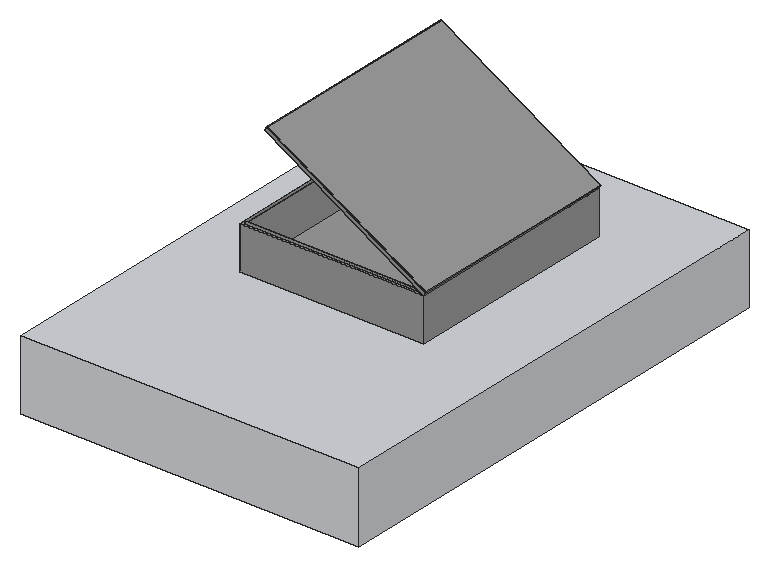
Revit family "Hager-Univers-IP44-D205-H950-Cl.I-Encl-CH-fr", category Equipement électrique, Revit 2020
Family settings
  Hôte = Face
  Configuration du panneau = Deux colonnes, circuits au sein
  Cote de connecteur circulaire = Utiliser le diamètre
  Type d'élément = Tableau de raccordement
  Couper avec des vides une fois chargée = Non
  Partagée = Non
  Point de calcul de pièce = Non
Parameters (values of type "saillie IP44 L800 H950 P205  - FP63TN2")
  Width Control [instance] = if([EF000008 - largeur] > Min Width, [EF000008 - largeur], Min Width)  # 800 mm
  Commentaires du type = [HG000003 - Gamme]  # "Univers"
  Thickness Door [instance] = if([EF009171 - épaisseur de matériau de la porte/du couvercle] > 3 mm, 3 mm, [EF009171 - épaisseur de matériau de la porte/du couvercle])  # 1 mm
  Seal Frame Offset [instance] = 17 mm  # constant formula
  Plinth Visibility [instance] = [HG000027 - Hauteur du socle] > 0 mm  # no
  Model = ""
  Min Width [instance] = 100 mm  # constant formula
  Min Height [instance] = 100 mm  # constant formula
  Min Depth [instance] = (2 * [EF009170 - épaisseur de matériau du boîtier]) + 1 mm  # 3 mm
  Internal Frame Depth [instance] = (Door System Depth * 0.5)  # 9 mm
  Height Control [instance] = if([EF000040 - hauteur] > Min Height, [EF000040 - hauteur], Min Height)  # 950 mm
  HG000027 - Hauteur du socle = 0 mm
  HG000026 - Installation au sol = no
  HG000024 - Hauteur de la section basse = 800 mm
  HG000023 - Armoire double section = no
  HG000016 - Visibilité de la porte 3D [instance] = yes
  HG000015 - Visibilité de l'emprise de la porte [instance] = no
  HG000014 - Porte à droite [instance] = yes
  HG000013 - Porte à gauche [instance] = not([HG000014 - Porte à droite])  # no
  HG000012 - Angle de pivotement de la porte [instance] = 30.00°
  HG000010 - Portes asymétriques = no
  HG000009 - Porte à double battant = no
  HG000006 - Encastré = no
  HG000004 - Référence fabricant = "FP63TN2"
  HG000003 - Gamme = "Univers"
  HG000002 - avec porte = yes
  Frame Offset Bottom [instance] = 10 mm  # constant formula
  Frame Offset [instance] = 15 mm  # constant formula
  EF015940 - couvercle avec décharge de pression = no
  EF011959 - degré de protection (NEMA) = ""
  EF009554 - nombre d'ouvertures pour plaques à bride = 6
  Fabricant = "Hager"  # constant formula
  EF009212 - finition du couvercle = "EV000116 - fermé"
  EF009171 - épaisseur de matériau de la porte/du couvercle = 1 mm
  EF009170 - épaisseur de matériau du boîtier = 1 mm
  EF008873 - courant nominal (In) = 250 A
  EF007800 - adapté à un parafoudre = no
  EF006306 - avec serrure = no
  EF006244 - couvercle/porte transparent(e) = no
  EF005474 - indice de protection (IP) = "EV006418 - IP44"
  EF004464 - type de porte = "EV002646 - unique"
  EF004427 - nombre de modules = 216
  EF004293 - indice de protection contre les chocs (IK) = "EV006815 - IK09"
  EF003532 - convient pour utilisation à l’extérieur = no
  EF002950 - largeur en nombre de modules = 36
  EF001613 - maintien de fonction = "EV000494 - sans"
  EF001596 - matériau du boîtier/corps = "EV000179 - acier"
  EF001131 - profondeur intérieure = 130 mm
  EF001088 - possibilité de montage en saillie = yes
  EF000437 - nombre d'entrées de conduit = 6
  EF000339 - type de capot = "EV001012 - couvercle"
  EF000266 - nombre de rangées = 6
  EF000218 - profondeur d'encastrement = 205 mm
  EF000118 - avec cadre/support de montage = no
  EF000116 - numéro RAL = "9010"
  EF000049 - profondeur = 205 mm
  EF000040 - hauteur = 950 mm
  EF000008 - largeur = 800 mm
  EF000007 - couleur = "EV000202 - blanc"
  EF000003 - mode de pose = "EV000384 - saillie"
  Door System Leaf Tolerance [instance] = 1.5 mm  # constant formula
  Door System Depth [instance] = 18 mm  # constant formula
  Door Height [instance] = Height Control - [HG000027 - Hauteur du socle]  # 950 mm
  Depth Control [instance] = if([EF000049 - profondeur] > Min Depth, [EF000049 - profondeur], Min Depth)  # 205 mm
  Default Elevation = 0 mm
  Connector Offset [instance] = Height Control / 2  # 475 mm
  Bottom Top Plate Trim [instance] = 1.5 mm  # constant formula
  Plinth height Ctrl [instance] = if([HG000027 - Hauteur du socle] > 0 mm, [HG000027 - Hauteur du socle], 12 mm)  # 12 mm
Types (10, lengths in mm): name | Width Control | HG000010 - Portes asymétriques | HG000009 - Porte à double battant | HG000004 - Référence fabricant | EF009554 - nombre d'ouvertures pour plaques à bride | EF004464 - type de porte | EF004427 - nombre de modules | EF002950 - largeur en nombre de modules | EF000437 - nombre d'entrées de conduit | EF000218 - profondeur d'encastrement | EF000008 - largeur
  saillie IP44 L1050 H950 P205  - FP64QT | 1050 | no | no | "FP64QT" | 8 | "EV003602 - double" | 288 | 48 | 8 | 0 | 1050
  saillie IP44 L1050 H950 P205  - FP64TN2 | 1050 | no | yes | "FP64TN2" | 8 | "EV003602 - double" | 288 | 48 | 8 | 205 | 1050
  saillie IP44 L1300 H950 P205  - FP65QT | 1300 | no | no | "FP65QT" | 10 | "EV003602 - double" | 360 | 60 | 10 | 0 | 1300
  saillie IP44 L1300 H950 P205  - FP65TN2 | 1300 | yes | yes | "FP65TN2" | 10 | "EV003602 - double" | 360 | 60 | 10 | 205 | 1300
  saillie IP44 L300 H950 P205  - FP61QT | 300 | no | no | "FP61QT" | 2 | "EV002646 - unique" | 72 | 12 | 2 | 0 | 300
  saillie IP44 L300 H950 P205  - FP61TN2 | 300 | no | no | "FP61TN2" | 2 | "EV002646 - unique" | 72 | 12 | 2 | 205 | 300
  saillie IP44 L550 H950 P205  - FP62QT | 550 | no | no | "FP62QT" | 4 | "EV002646 - unique" | 144 | 24 | 4 | 0 | 550
  saillie IP44 L550 H950 P205  - FP62TN2 | 550 | no | no | "FP62TN2" | 4 | "EV002646 - unique" | 144 | 24 | 4 | 205 | 550
  saillie IP44 L800 H950 P205  - FP63QT | 800 | no | no | "FP63QT" | 6 | "EV002646 - unique" | 216 | 36 | 6 | 0 | 800
  saillie IP44 L800 H950 P205  - FP63TN2 | 800 | no | no | "FP63TN2" | 6 | "EV002646 - unique" | 216 | 36 | 6 | 205 | 800
Reference planes
  plane 1 "Center (Front/Back)": y = 0
  plane 2: z = 0
  plane 3 "Center (Left/Right)": x = 0
  plane 4: z = 205
  plane 5: y = 1
  plane 6: y = 475
  plane 7: y = 0
  plane 8: y = 950
  plane 9: z = 0
  plane 10: x = -385
  plane 11: x = 385
  plane 12: x = 384
  plane 13: x = -384
  plane 14: y = 949
  plane 15: x = -383
  plane 16: x = -400
  plane 17: x = 383
  plane 18: x = 400
  plane 19: x = 399
  plane 20: x = -399
  plane 21: y = 11
  plane 22: y = 950
  plane 23: y = 934
  plane 24: z = 187
  plane 25: z = 1
  plane 26: z = 186
  plane 27: z = 204
Forms (mm)
  Extrusion 1, solid
    sketch origin (0, 0, 0) x (1, 0, 0) y (0, 1, 0)
      loop
        line (-702.964, 1305) -> (-702.964, -811.445) -> (766.763, -811.445) -> (766.763, 1305) -> (-702.964, 1305)
    from 0 to -304.8
  Extrusion 2, solid, material "Hager_Steel_RAL7035_Light_Grey", visible <- "Plinth Visibility", detail levels medium+fine
    sketch origin (0, 0, 0) x (1, 0, 0) y (0, 1, 0)
      loop
        line (-400, 0) -> (400, 0) -> (400, 12) -> (-400, 12) -> (-400, 0)
    from 0 to 187
  Extrusion 3, solid, material "Hager_Steel_RAL7035_Light_Grey", detail levels medium+fine
    sketch origin (0, 0, 0) x (1, 0, 0) y (0, 1, 0)
      loop
        line (-400, 0) -> (400, 0) -> (400, 950) -> (-400, 950) -> (-400, 0)
    from 0 to 187
  Extrusion 4, void
    sketch origin (0, 0, 0) x (1, 0, 0) y (0, 1, 0)
      loop
        line (-399, 1) -> (399, 1) -> (399, 949) -> (-399, 949) -> (-399, 1)
    from 1 to 186
  Extrusion 5, void
    sketch origin (-381.607, -4572, 187) x (0, -1, 0) y (-1, 0, 0)
      loop
        line (-4583, 2.393) -> (-5506, 2.393) -> (-5506, -765.607) -> (-4583, -765.607) -> (-4583, 2.393)
    from 0 to 1 <- "EF009170 - épaisseur de matériau du boîtier"
  Extrusion 6, solid, material "Hager_Steel_RAL7035_Light_Grey", detail levels fine
    sketch origin (0, 0, 187) x (1, 0, 0) y (0, 1, 0)
      loop
        line (-384, 934) -> (-384, 11) -> (384, 11) -> (384, 934) -> (-384, 934)
      loop
        line (-385, 10) -> (385, 10) -> (385, 935) -> (-385, 935) -> (-385, 10)
    from 0 to 9 <- "Internal Frame Depth"
  Extrusion 7, solid, material "Hager_Steel_RAL7035_Light_Grey", detail levels coarse
    sketch origin (0, 0, 0) x (1, 0, 0) y (0, 1, 0)
      loop
        line (-400, 0) -> (400, 0) -> (400, 950) -> (-400, 950) -> (-400, 0)
    from 0 to 205
  Sweep 8, void
    path in 3D
      loop
        line (-400, 12, 0) -> (400, 12, 0) -> (400, 12, 187) -> (-400, 12, 187) -> (-400, 12, 0)
    profile origin (-400, 12, 93.5) x (-1, 0, 0) y (0, -1, 0)
      loop
        line (0, 0) -> (0, 1.5) -> (-1.5, 1.5)
        arc (-1.5, 1.5) -> (-1.061, 0.439) -> (0, 0) r 1.5
Cuts and joins
  Extrusion 4, Extrusion 5 cuts Extrusion 3
  Sweep 8 cuts Extrusion 2
Lines and regions (mm)
  Masking region 1
    outline origin (0, 0, 0) x (1, 0, 0) y (0, 0, 1)
      loop
        line (-400, 205) -> (-400, 0) -> (400, 0) -> (400, 205) -> (-400, 205)
  Masking region 2, detail levels medium+fine
    outline origin (0, 140, 0) x (0, 1, 0) y (0, 0, 1)
      loop
        line (-140, 0) -> (810, 0) -> (810, 187) -> (-140, 187) -> (-140, 0)
  Masking region 3, not visible, detail levels medium+fine
    outline origin (0, 297.922, 0) x (0, 1, 0) y (0, 0, 1)
      loop
        line (188.578, 0) -> (228.578, 0) -> (228.578, 194)
        arc (228.578, 194) -> (225.649, 201.071) -> (218.578, 204) r 10
        line (218.578, 204) -> (188.578, 204) -> (188.578, 0)
  Masking region 4, detail levels coarse
    outline origin (0, 0, 180) x (0, 1, 0) y (0, 0, 1)
      loop
        line (0, -180) -> (950, -180) -> (950, 25) -> (0, 25) -> (0, -180)
  Masking region 5, visible <- "Plinth Visibility", detail levels medium+fine
    outline origin (0, 52.24, 12.345) x (0, 0, -1) y (0, 1, 0)
      loop
        line (10.845, -40.24) -> (-173.155, -40.24)
        arc (-173.155, -40.24) -> (-173.594, -41.301) -> (-174.655, -41.74) r 1.5
        line (-174.655, -41.74) -> (-174.655, -52.24) -> (12.345, -52.24) -> (12.345, -41.74)
        arc (12.345, -41.74) -> (11.285, -41.301) -> (10.845, -40.24) r 1.5
  Masking region 6, detail levels medium+fine
    outline origin (-381.607, -4572, 187) x (-1, 0, 0) y (0, -1, 0)
      loop
        line (18.393, -5522) -> (18.393, -4572) -> (-781.607, -4572) -> (-781.607, -5522) -> (18.393, -5522)
  Masking region 7, visible <- "Plinth Visibility", detail levels medium+fine
    outline origin (-381.607, -4727, 187) x (-1, 0, 0) y (0, -1, 0)
      loop
        arc (16.893, -4739) -> (17.332, -4737.939) -> (18.393, -4737.5) r 1.5
        line (18.393, -4737.5) -> (18.393, -4727) -> (-781.607, -4727) -> (-781.607, -4737.5)
        arc (-781.607, -4737.5) -> (-780.546, -4737.939) -> (-780.107, -4739) r 1.5
        line (-780.107, -4739) -> (16.893, -4739)
  Masking region 8, detail levels coarse
    outline origin (-442.548, -4669.526, 187) x (-1, 0, 0) y (0, -1, 0)
      loop
        line (-42.548, -5619.526) -> (-42.548, -4669.526) -> (-842.548, -4669.526) -> (-842.548, -5619.526) -> (-42.548, -5619.526)
  sketch lines
    curve 1: line (-400, 12, 187) -> (-400, 12, 0)
    curve 2: line (400, 12, 187) -> (-400, 12, 187)
    curve 3: line (400, 12, 187) -> (400, 12, 0)
    curve 4: line (-400, 12, 0) -> (400, 12, 0)
Dimensions and locks
  "Depth Control": plane 4 to Extrusion 1
  "HG000027 - Hauteur du socle": plane 1 "Center (Front/Back)" to plane 7
  "EF009170 - épaisseur de matériau du boîtier": plane 5 to plane 7
  locked: connector elem to plane 3 "Center (Left/Right)"
  equal spacing: plane 8, plane 6, plane 7
  locked: connector elem to plane 6
  "EF009170 - épaisseur de matériau du boîtier": plane 8 to plane 14
  "EF009170 - épaisseur de matériau du boîtier": plane 10 to plane 13
  "EF009170 - épaisseur de matériau du boîtier": plane 12 to plane 11
  "Frame Offset": plane 20 to plane 13
  "Frame Offset": plane 12 to plane 19
  "EF009170 - épaisseur de matériau du boîtier": plane 16 to plane 20
  "EF009170 - épaisseur de matériau du boîtier": plane 19 to plane 18
  "Seal Frame Offset": plane 16 to plane 15
  "Seal Frame Offset": plane 17 to plane 18
  "Frame Offset Bottom": plane 21 to plane 5
  "Frame Offset": plane 14 to plane 23
  equal spacing: plane 16, plane 3 "Center (Left/Right)", plane 18
  "Width Control": plane 16 to plane 18
  "EF009170 - épaisseur de matériau du boîtier": plane 4 to plane 27
  "EF009170 - épaisseur de matériau du boîtier": plane 24 to plane 26
  "EF009170 - épaisseur de matériau du boîtier": plane 25 to level
  "Door System Depth": plane 4 to plane 24
  "Height Control": plane 1 "Center (Front/Back)" to Extrusion 7 sketch curve
  "Height Control": Masking region 4 sketch curve to plane 1 "Center (Front/Back)"
  "Height Control": plane 1 "Center (Front/Back)" to plane 22
  "Bottom Top Plate Trim": profile plane to Sweep 8 sketch curve
  "Bottom Top Plate Trim": Sweep 8 sketch curve to profile plane
  "Plinth height Ctrl": plane 1 "Center (Front/Back)" to Extrusion 2 sketch curve
  "Plinth height Ctrl": Masking region 5 sketch curve to plane 1 "Center (Front/Back)"
  "Plinth height Ctrl": plane 1 "Center (Front/Back)" to Masking region 7 sketch curve
  "Thickness Door": Extrusion 6 sketch curve to Extrusion 6 sketch curve  (x3)
  "Thickness Door": cut or joined group of Extrusion 3, Extrusion 4, Extrusion 5 to Extrusion 6 sketch curve
  radius of Masking region 3 sketch curve = 10 mm
  "Bottom Top Plate Trim": radius of Masking region 5 sketch curve  (x2)
  "Bottom Top Plate Trim": radius of Sweep 8 sketch curve
  "Bottom Top Plate Trim": radius of Masking region 7 sketch curve  (x2)
  aligned and locked: plane 2 to Extrusion 1
  aligned and locked: level to Extrusion 1
  aligned and locked: level to Masking region 1 sketch curve
  aligned and locked: Masking region 1 sketch curve to plane 18
  aligned and locked: Masking region 1 sketch curve to plane 16
  aligned and locked: plane 7 to Masking region 2 sketch curve
  aligned and locked: level to Masking region 3 sketch curve
  aligned and locked: Masking region 3 sketch curve to plane 27
  aligned and locked: level to Masking region 2 sketch curve
  aligned and locked: plane 1 "Center (Front/Back)" to Extrusion 2 sketch curve
  aligned and locked: Extrusion 3 sketch curve to plane 7
  aligned and locked: plane 16 to Extrusion 3 sketch curve
  aligned and locked: plane 18 to Extrusion 3 sketch curve
  aligned and locked: plane 20 to Extrusion 4 sketch curve
  aligned and locked: plane 19 to Extrusion 4 sketch curve
  aligned and locked: Extrusion 4 sketch curve to plane 5
  aligned and locked: Extrusion 4 to plane 25
  aligned and locked: plane 26 to Extrusion 4
  aligned and locked: plane 24 to Extrusion 3
  aligned and locked: Extrusion 5 sketch curve to plane 21
  aligned and locked: Extrusion 5 sketch curve to plane 13
  aligned and locked: Extrusion 5 sketch curve to plane 12
  aligned and locked: plane 18 to Extrusion 7 sketch curve
  aligned and locked: plane 1 "Center (Front/Back)" to Extrusion 7 sketch curve
  aligned and locked: plane 16 to Extrusion 7 sketch curve
  aligned and locked: plane 4 to Extrusion 7
  aligned and locked: Extrusion 7 to level
  aligned and locked: level to Masking region 4 sketch curve
  aligned and locked: Masking region 4 sketch curve to plane 1 "Center (Front/Back)"
  aligned and locked: Masking region 4 sketch curve to plane 4
  aligned and locked: nested 1 to level
  aligned and locked: nested 1 to plane 16
  aligned and locked: plane 8 to Extrusion 3 sketch curve
  aligned and locked: plane 23 to Extrusion 5 sketch curve
  aligned and locked: plane 14 to Extrusion 4 sketch curve
  aligned and locked: Masking region 2 sketch curve to plane 8
  aligned and locked: level to Masking region 5 sketch curve
  aligned and locked: plane 16 to Extrusion 2 sketch curve
  aligned and locked: plane 18 to Extrusion 2 sketch curve
  aligned and locked: Masking region 5 sketch curve to plane 24
  aligned and locked: Masking region 2 sketch curve to plane 24
  aligned and locked: plane 24 to Extrusion 2
  aligned and locked: profile plane to Sweep 8 sketch curve  (x2)
  aligned and locked: Masking region 6 sketch curve to plane 18
  aligned and locked: Masking region 6 sketch curve to plane 22
  aligned and locked: Masking region 6 sketch curve to plane 16
  aligned and locked: plane 8 to plane 22
  aligned and locked: Masking region 6 sketch curve to plane 7
  aligned and locked: Masking region 7 sketch curve to plane 16
  aligned and locked: Masking region 7 sketch curve to plane 1 "Center (Front/Back)"
  aligned and locked: Masking region 7 sketch curve to plane 18
  aligned and locked: Masking region 8 sketch curve to plane 1 "Center (Front/Back)"
  aligned and locked: Masking region 8 sketch curve to plane 18
  aligned and locked: Masking region 8 sketch curve to plane 22
  aligned and locked: Masking region 8 sketch curve to plane 16
  aligned and locked: nested 2 to plane 7
  aligned and locked: plane 3 "Center (Left/Right)" to nested 2
  aligned and locked: nested 2 to plane 24
  aligned and locked: Extrusion 6 sketch curve to cut or joined group of Extrusion 3, Extrusion 4, Extrusion 5  (x4)
Automatic sketch dimensions
  Extrusion 1 sketch curve to Extrusion 1 sketch curve = 1469.727 mm
  Extrusion 1 sketch curve to Extrusion 1 sketch curve = 2116.445 mm
  Masking region 1 sketch curve to plane 4 = 0 mm
  plane 6 to Masking region 3 sketch curve = 11.5 mm
  Masking region 3 sketch curve to Masking region 3 sketch curve = 30 mm
  Masking region 5 sketch curve to plane 1 "Center (Front/Back)" = 0 mm
Nested families
  nested 1: "Hager_Enclosure_Symbol" at (-400, 0, 0) x (1, 0, 0) z (0, -1, 0), Height <- "Depth Control", Width <- "Width Control", type "Hager_Enclosure_Symbol"
    with Width_Ctrl 800 mm, Width 800 mm, Height_Ctrl 205 mm, Height 205 mm, A_Width_Int 13.453 mm, A_Width 161.438 mm, A_Height_Ctrl 179.375 mm, A_Height 179.375 mm
  nested 2: "EC000058_Univers_Door" at (0, 0, 187) x (1, 0, 0) z (0, 1, 0), Leaf_Tolerance <- "Door System Leaf Tolerance", Angle <- "HG000012 - Angle de pivotement de la porte", Door_Depth <- "Door System Depth", Door_Left <- "HG000013 - Porte à gauche", Transparent <- "EF006244 - couvercle/porte transparent(e)", Assymetrical <- "HG000010 - Portes asymétriques", Width <- "Width Control", Clearance <- "HG000015 - Visibilité de l'emprise de la porte", Double <- "HG000009 - Porte à double battant", 3d_Door <- "HG000016 - Visibilité de la porte 3D", Lock_Visibility <- "EF006306 - avec serrure", Width_Ctrl <- "Width Control", Door_Right <- "HG000014 - Porte à droite", Door <- "HG000002 - avec porte", Height <- "Door Height", Thickness <- "Thickness Door", type "EC000058_Univers_Door", detail levels medium+fine
    with min_wh 3 mm, Width_Ctrl 800 mm, Width 800 mm, Transparent no, Thickness 1 mm, Seal_Material Hager_Rubber, Lock_Visibility no, Lock_Material Hager_Plastic_RAL9005_Jet_Black, Leaf_Width 800 mm, Leaf_Tolerance_External_Sides 0 mm, Leaf_Tolerance 1.5 mm, Leaf_Offset 0 mm, Leaf_Height 947 mm, Leaf_2_Width 800 mm, Leaf_2_Offset 400 mm, Leaf_1_Width 800 mm, Leaf_1_Offset 400 mm, Height_Ctrl 950 mm, Height 950 mm, Glass_Material Hager_Glass, Double_Clearance_Ctrl no, Double no, Door_Right_Ctrl yes, Door_Right yes, Door_Material Hager_Steel_RAL7035_Light_Grey, Door_Left_Ctrl no, Door_Left no, Door_Depth 18 mm, Door yes, Clearance_Material Hager_Clearance, Clearance_Depth 800 mm, Clearance_Ctrl no, Clearance no, Assymetrical no, Angle 30.00°, 3d_Door yes
Connectors
  electrical at (0, 475, 0)
    settings: on plane 9, index 1, voltage 0 V, apparent load 0 VA, apparent load phase1 0 VA, apparent load phase2 0 VA, apparent load phase3 0 VA, power factor 1, load classification "Other", number of poles 1, system type 30, power factor state 1, is connector primary yes, connector utility no, sub classification motor no, connector description ""
Definition of nested family "EC000058_Univers_Door"
  Parameters (values of type "EC000058_Univers_Door")
    min_wh [instance] = (2 * Thickness) + 1 mm  # 11 mm
    Width_Ctrl [instance] = 400 mm
    Width [instance] = 500 mm
    Transparent [instance] = yes
    Thickness [instance] = 5 mm
    Seal_Material [instance] = none
    Lock_Visibility [instance] = yes
    Lock_Material [instance] = none
    Leaf_Width [instance] = if((Width_Ctrl - 2 * Leaf_Tolerance_External_Sides) > 0 mm, (Width_Ctrl - 2 * Leaf_Tolerance_External_Sides), min_wh)  # 400 mm
    Leaf_Tolerance_External_Sides [instance] = 0 mm  # constant formula
    Leaf_Tolerance [instance] = 1.5 mm
    Leaf_Offset [instance] = 0 mm  # constant formula
    Leaf_Height [instance] = if((Height_Ctrl - 2 * Leaf_Tolerance) > 0 mm, (Height_Ctrl - 2 * Leaf_Tolerance), min_wh)  # 497 mm
    Leaf_2_Width [instance] = if(and(and(Double, Assymetrical), Door_Left), (Leaf_Width / 3) - (Leaf_Tolerance / 2), if(and(and(Double, Assymetrical), Door_Right), (Leaf_Width / 3) * 2 - (Leaf_Tolerance / 2), if(and(Double, not(Assymetrical)), (Leaf_Width / 2) - Leaf_Tolerance, Leaf_Width)))  # 400 mm
    Leaf_2_Offset [instance] = if(and(Double, Assymetrical), Leaf_2_Width / 2, if(and(Double, not(Assymetrical)), Leaf_Width / 4, Leaf_Width / 2))  # 200 mm
    Leaf_1_Width [instance] = if(and(and(Double, Assymetrical), Door_Right), (Leaf_Width / 3) - (Leaf_Tolerance / 2), if(and(and(Double, Assymetrical), Door_Left), (Width / 3) * 2 - (Leaf_Tolerance / 2), if(and(Double, not(Assymetrical)), (Leaf_Width / 2) - Leaf_Tolerance, Leaf_Width)))  # 400 mm
    Leaf_1_Offset [instance] = if(and(Double, Assymetrical), Leaf_1_Width / 2, if(and(Double, not(Assymetrical)), Leaf_Width / 4, Leaf_Width / 2))  # 200 mm
    Height_Ctrl [instance] = if(Height > min_wh, Height, min_wh)  # 500 mm
    Height [instance] = 500 mm
    Glass_Material [instance] = none
    Double_Clearance_Ctrl [instance] = and(Double, Clearance)  # no
    Double [instance] = no
    Door_Right_Ctrl [instance] = and(or(Door_Right, Double), Door)  # yes
    Door_Right [instance] = yes
    Door_Material [instance] = none
    Door_Left_Ctrl [instance] = and(or(Door_Left, Double), Door)  # no
    Door_Left [instance] = no
    Door_Depth [instance] = 30 mm
    Door [instance] = yes
    Default Elevation = 1219.2 mm
    Clearance_Material [instance] = none
    Clearance_Depth [instance] = if(Leaf_1_Width > Leaf_2_Width, Leaf_1_Width, Leaf_2_Width)  # 400 mm
    Clearance_Ctrl [instance] = and(not(Double), Clearance)  # yes
    Clearance [instance] = yes
    Assymetrical [instance] = yes
    Angle [instance] = 30.00°
    3d_Door [instance] = yes
  Reference planes
    plane 1 "Center (Front/Back)": y = 0
    plane 2 "Bottom": z = 0
    plane 3 "Center (Left/Right)": x = 0
    plane 4: z = 500
    plane 5: x = -200
    plane 6: x = 200
    plane 7: z = 500
    plane 8: x = -200
    plane 9: z = 0
    plane 10: x = 200
    plane 11: y = 0
    plane 12: z = 1.5
    plane 13: x = -600
    plane 14: y = -400
    plane 15: x = 600
    plane 16: x = 0
    plane 17: x = 0
    plane 18: x = -200
    plane 19: x = 200
    plane 20: z = 498.5
  Forms (mm)
    Extrusion 1, solid, material <- "Clearance_Material", visible <- "Double_Clearance_Ctrl"
      sketch origin (1200, 0, 0) x (1, 0, 0) y (0, 0, -1)
        loop
          line (-1800, -498.5) -> (-600, -498.5) -> (-600, 0) -> (-1800, 0) -> (-1800, -498.5)
      from 0 to -400
  Dimensions and locks
    equal spacing: plane 5, plane 3 "Center (Left/Right)", plane 6
    "Width_Ctrl": plane 5 to plane 6
    "Leaf_Offset": plane 5 to plane 8
    "Leaf_Offset": plane 6 to plane 10
    "Leaf_Offset": plane 9 to level
    "Leaf_Offset": plane 4 to plane 7
    "Height_Ctrl": plane 4 to level
    "Leaf_Tolerance": plane 12 to plane 9
    locked: plane 11 to plane 1 "Center (Front/Back)"
    "Leaf_1_Offset": plane 18 to plane 16
    "Leaf_2_Offset": plane 17 to plane 19
    "Leaf_1_Width": plane 13 to plane 8
    "Leaf_2_Width": plane 10 to plane 15
    "Clearance_Depth": plane 14 to plane 1 "Center (Front/Back)"
    "Leaf_Tolerance_External_Sides": plane 8 to plane 18
    "Leaf_Tolerance_External_Sides": plane 19 to plane 10
    "Leaf_Tolerance": plane 7 to plane 20
    aligned and locked: level to plane 2 "Bottom"
    aligned and locked: nested 1 to plane 16
    aligned and locked: nested 2 to plane 17
    aligned and locked: Extrusion 1 to plane 13
    aligned and locked: plane 15 to Extrusion 1
    aligned and locked: Extrusion 1 to plane 14
    aligned and locked: plane 12 to nested 1
    aligned and locked: nested 2 to plane 12
    aligned and locked: Extrusion 1 to plane 11
    aligned and locked: plane 20 to Extrusion 1
    aligned and locked: nested 2 to plane 11
    aligned and locked: nested 1 to plane 11
  Automatic sketch dimensions
    Extrusion 1 sketch curve to level = 0 mm
    plane 5 to Extrusion 1 sketch curve = 400 mm
    plane 6 to Extrusion 1 sketch curve = 400 mm
    Extrusion 1 sketch curve to plane 4 = 1.5 mm
  Nested families
    nested 1: "EC000058_Univers_Door_Leaf" at (0, 0, 1.5), Width <- "Leaf_1_Width", visible <- "Door_Left_Ctrl", Leaf_Height <- "Leaf_Height", Angle <- "Angle", 3d_Door <- "3d_Door", Transparent <- "Transparent", Clearance Material <- "Clearance_Material", Clearance <- "Clearance_Ctrl", Door_Material <- "Door_Material", Glass_Material <- "Glass_Material", Door_Depth <- "Door_Depth", Lock_Material <- "Lock_Material", Seal_Material <- "Seal_Material", Lock_Visibility <- "Lock_Visibility", Thickness <- "Thickness", type "EC000058_Univers_Door_Leaf"
      with Width 400 mm, Transparent_Glass_Offset 30 mm, Transparent_Ctrl yes, Transparent yes, Thickness 5 mm, Standard no, Seal_Material none, Seal_D2 8 mm, Seal_D1 1 mm, Offset_Internal_Frame 10 mm, Lock_Width 20 mm, Lock_Visibility_3d yes, Lock_Visibility yes, Lock_Thickness_3 3 mm, Lock_Thickness_2 1 mm, Lock_Thickness_1 3 mm, Lock_Radius_Offset_2 16 mm, Lock_Radius_Offset_1 15 mm, Lock_Radius_2 5 mm, Lock_Radius 6 mm, Lock_Offset 5 mm, Lock_Material none, Lock_Height 80 mm, Lock_Cover_Top_Offset_2d 17 mm, Lock_Cover_Height -65 mm, Leaf_Height 497 mm, Internal_Seal_Thickness 8 mm, Internal_Seal_Depth_2 4.5 mm, Internal_Frame_Depth 25 mm, Glass_Thickness -1 mm, Glass_Offset -2 mm, Glass_Material none, Door_Material none, Door_Depth 30 mm, Clearance Material none, Clearance yes, Angle_Ctrl 30.00°, Angle 30.00°, 3d_Door yes
    nested 2: "EC000058_Univers_Door_Leaf" at (0, 0, 1.5) x (-1, 0, 0) z (0, 0, 1), Width <- "Leaf_2_Width", visible <- "Door_Right_Ctrl", Leaf_Height <- "Leaf_Height", Angle <- "Angle", 3d_Door <- "3d_Door", Transparent <- "Transparent", Clearance Material <- "Clearance_Material", Clearance <- "Clearance_Ctrl", Door_Material <- "Door_Material", Glass_Material <- "Glass_Material", Door_Depth <- "Door_Depth", Lock_Material <- "Lock_Material", Seal_Material <- "Seal_Material", Lock_Visibility <- "Lock_Visibility", Thickness <- "Thickness", type "EC000058_Univers_Door_Leaf"
      with Width 400 mm, Transparent_Glass_Offset 30 mm, Transparent_Ctrl yes, Transparent yes, Thickness 5 mm, Standard no, Seal_Material none, Seal_D2 8 mm, Seal_D1 1 mm, Offset_Internal_Frame 10 mm, Lock_Width 20 mm, Lock_Visibility_3d yes, Lock_Visibility yes, Lock_Thickness_3 3 mm, Lock_Thickness_2 1 mm, Lock_Thickness_1 3 mm, Lock_Radius_Offset_2 16 mm, Lock_Radius_Offset_1 15 mm, Lock_Radius_2 5 mm, Lock_Radius 6 mm, Lock_Offset 5 mm, Lock_Material none, Lock_Height 80 mm, Lock_Cover_Top_Offset_2d 17 mm, Lock_Cover_Height -65 mm, Leaf_Height 497 mm, Internal_Seal_Thickness 8 mm, Internal_Seal_Depth_2 4.5 mm, Internal_Frame_Depth 25 mm, Glass_Thickness -1 mm, Glass_Offset -2 mm, Glass_Material none, Door_Material none, Door_Depth 30 mm, Clearance Material none, Clearance yes, Angle_Ctrl 30.00°, Angle 30.00°, 3d_Door yes
  Definition of nested family "EC000058_Univers_Door_Leaf"
    Parameters (values of type "EC000058_Univers_Door_Leaf")
      Width [instance] = 2000 mm
      Transparent_Glass_Offset [instance] = 30 mm
      Transparent_Ctrl [instance] = and(Transparent, [3d_Door])  # yes
      Transparent [instance] = yes
      Thickness [instance] = 5 mm
      Standard [instance] = and(not(Transparent), [3d_Door])  # no
      Seal_Material [instance] = none
      Seal_D2 [instance] = 8 mm  # constant formula
      Seal_D1 [instance] = 1 mm  # constant formula
      Offset_Internal_Frame [instance] = 10 mm  # constant formula
      Lock_Width [instance] = 20 mm  # constant formula
      Lock_Visibility_3d [instance] = and(Lock_Visibility, [3d_Door])  # yes
      Lock_Visibility [instance] = yes
      Lock_Thickness_3 [instance] = 3 mm  # constant formula
      Lock_Thickness_2 [instance] = 1 mm  # constant formula
      Lock_Thickness_1 [instance] = 3 mm  # constant formula
      Lock_Radius_Offset_2 [instance] = Lock_Radius_Offset_1 + 1 mm  # 16 mm
      Lock_Radius_Offset_1 [instance] = 15 mm  # constant formula
      Lock_Radius_2 [instance] = Lock_Radius - 1 mm  # 5 mm
      Lock_Radius [instance] = 6 mm  # constant formula
      Lock_Offset [instance] = 5 mm  # constant formula
      Lock_Material [instance] = none
      Lock_Height [instance] = 80 mm  # constant formula
      Lock_Cover_Top_Offset_2d [instance] = Lock_Radius_Offset_2 + 1 mm  # 17 mm
      Lock_Cover_Height [instance] = -(Lock_Height - Lock_Radius_Offset_1)  # -65 mm
      Leaf_Height [instance] = 2720.336 mm
      Internal_Seal_Thickness [instance] = 8 mm  # constant formula
      Internal_Seal_Depth_2 [instance] = 4.5 mm  # constant formula
      Internal_Frame_Depth [instance] = if(Door_Depth - Thickness > 5 mm, Door_Depth - Thickness, 5 mm)  # 25 mm
      Glass_Thickness [instance] = if(Thickness > 15 mm, Glass_Offset + 10 mm, -1 mm)  # -1 mm
      Glass_Offset [instance] = if(Thickness > 15 mm, -(Thickness + 10 mm) / 2, -2 mm)  # -2 mm
      Glass_Material [instance] = none
      Door_Material [instance] = none
      Door_Depth [instance] = 30 mm
      Default Elevation = 0 mm
      Clearance Material [instance] = none
      Clearance [instance] = yes
      Angle_Ctrl [instance] = if(Angle > 180.00°, 180.00°, Angle)  # 90.00°
      Angle [instance] = 90.00°
      3d_Door [instance] = yes
    Reference planes
      plane 1 "Center (Front/Back)": y = 0
      plane 2: z = 0
      plane 3 "Center (Left/Right)": x = 0
      plane 4: y = 2000
      plane 5: x = -1000
      plane 6: x = 1000
      plane 7: x = -3000
      plane 8: z = 2720.336
      plane 9: z = 30
      plane 10: z = 2690.336
      plane 11: x = 970
      plane 12: x = -970
      plane 13: y = -3
      plane 14: z = 107.833
      plane 15: y = -5
      plane 16: y = -223.314
      plane 17: x = -1000
      plane 18: z = 1360.168
      plane 19: y = 30
    Forms (mm)
      Extrusion 1, solid, material <- "Clearance Material", visible <- "Clearance"
        sketch origin (0, 0, 0) x (1, 0, 0) y (0, 0, 1)
          loop
            line (-3000, 2720.336) -> (-3000, 0) -> (1000, 0) -> (1000, 2720.336) -> (-3000, 2720.336)
        from 0 to -2000
      Extrusion 2, solid, material <- "Door_Material", visible <- "Standard", detail levels medium+fine
        sketch origin (-1000, 0, 0) x (0, 1, 0) y (-1, 0, 0)
          loop
            line (0, 30) -> (0, 25) -> (2000, 25) -> (2000, 30) -> (0, 30)
        from 0 to 2720.336 <- "Leaf_Height"
      Extrusion 3, solid, material <- "Door_Material", visible <- "Transparent_Ctrl", detail levels medium+fine
        sketch origin (-1000, 0, 0) x (0, 1, 0) y (-1, 0, 0)
          loop
            line (0, 25) -> (2000, 25) -> (2000, 30) -> (0, 30) -> (0, 25)
        from 0 to 2720.336 <- "Leaf_Height"
      Extrusion 4, void
        sketch origin (-1025, 2000, 0) x (0, 1, 0) y (0, 0, -1)
          loop
            line (-30, -2690.336) -> (-30, -30) -> (-1970, -30) -> (-1970, -2690.336) -> (-30, -2690.336)
        from 0 to 5 <- "Thickness"
      Sweep 5, solid, material <- "Seal_Material", visible <- "Transparent_Ctrl", detail levels fine
        path in 3D
          loop
            line (-1025, 30, 30) -> (-1025, 30, 2690.336) -> (-1025, 1970, 2690.336) -> (-1025, 1970, 30) -> (-1025, 30, 30)
        profile origin (-1025, 1000, 30) x (1, 0, 0) y (0, 0, 1)
          loop
            line (0, 0) -> (0, -8) -> (1, -8) -> (1, 0) -> (0, 0)
      Extrusion 6, solid, material <- "Glass_Material", visible <- "Transparent_Ctrl", detail levels medium+fine
        sketch origin (-1030, 0, 0) x (0, 1, 0) y (0, 0, -1)
          loop
            line (1970, -2690.336) -> (1970, -30) -> (30, -30) -> (30, -2690.336) -> (1970, -2690.336)
        from -2 <- "Glass_Offset" to -1 <- "Glass_Thickness"
      Extrusion 7, solid, material <- "Door_Material", visible <- "3d_Door", detail levels medium+fine
        sketch origin (-1025, 2000, 0) x (0, -1, 0) y (0, 0, -1)
          loop
            line (0, -2720.336) -> (2000, -2720.336) -> (2000, 0) -> (0, 0) -> (0, -2720.336)
          loop
            line (1995, -5) -> (5, -5) -> (5, -2715.336) -> (1995, -2715.336) -> (1995, -5)
        from 0 to 25 <- "Internal_Frame_Depth"
      Sweep 8, solid, material <- "Seal_Material", visible <- "Transparent_Ctrl", detail levels fine
        path in 3D
          loop
            line (-1025, 0, 0) -> (-1025, 2000, 0) -> (-1025, 2000, 2720.336) -> (-1025, 0, 2720.336) -> (-1025, 0, 0)
        profile origin (-1025, 0, 1360.168) x (1, 0, 0) y (0, 1, 0)
          loop
            line (0, 10) -> (2.975, 10)
            arc (2.975, 10) -> (4.053, 10.447) -> (4.5, 11.525) r 1.525
            line (4.5, 11.525) -> (4.5, 16.527)
            arc (4.5, 16.527) -> (4.069, 17.569) -> (3.027, 18) r 1.473
            line (3.027, 18) -> (0, 18) -> (0, 10)
      Extrusion 9, solid, material <- "Lock_Material", visible <- "Lock_Visibility_3d", detail levels fine
        sketch origin (-1030, 0, 0) x (0, 1, 0) y (0, 0, -1)
          loop
            arc (1993.5, -1400.168) -> (1994.561, -1399.729) -> (1995, -1398.668) r 1.5
            line (1995, -1398.668) -> (1995, -1320.168) -> (1975, -1320.168) -> (1975, -1398.668)
            arc (1975, -1398.668) -> (1975.439, -1399.729) -> (1976.5, -1400.168) r 1.5
            line (1976.5, -1400.168) -> (1993.5, -1400.168)
        from 3 <- "Lock_Thickness_1" to 0
      Blend 10, solid, material <- "Lock_Material", visible <- "Lock_Visibility_3d", detail levels fine
        base sketch origin (-1033, 0, 0) x (0, 1, 0) y (0, 0, -1)
          loop
            line (1975, -1320.168) -> (1975, -1398.668)
            arc (1975, -1398.668) -> (1975.439, -1399.729) -> (1976.5, -1400.168) r 1.5
            line (1976.5, -1400.168) -> (1993.5, -1400.168)
            arc (1993.5, -1400.168) -> (1994.561, -1399.729) -> (1995, -1398.668) r 1.5
            line (1995, -1398.668) -> (1995, -1320.168) -> (1975, -1320.168)
        top sketch origin (-1033, 0, 0) x (0, 1, 0) y (0, 0, -1)
          loop
            line (1976, -1320.168) -> (1976, -1398.668)
            arc (1976, -1398.668) -> (1976.146, -1399.022) -> (1976.5, -1399.168) r 0.5
            line (1976.5, -1399.168) -> (1993.5, -1399.168)
            arc (1993.5, -1399.168) -> (1993.854, -1399.022) -> (1994, -1398.668) r 0.5
            line (1994, -1398.668) -> (1994, -1320.168) -> (1976, -1320.168)
        from 0 to 1 <- "Lock_Thickness_2"
      Blend 11, solid, material <- "Lock_Material", visible <- "Lock_Visibility_3d", detail levels fine
        base sketch origin (-1034, 0, 0) x (0, 1, 0) y (0, 0, -1)
          loop
            line (1978, -1320.168) -> (1978, -1384.168)
            arc (1978, -1384.168) -> (1985, -1391.168) -> (1992, -1384.168) r 7
            line (1992, -1384.168) -> (1992, -1320.168) -> (1978, -1320.168)
        top sketch origin (-1034, 0, 0) x (0, 1, 0) y (0, 0, -1)
          loop
            line (1991, -1320.168) -> (1979, -1320.168) -> (1979, -1383.168)
            arc (1979, -1383.168) -> (1985, -1389.168) -> (1991, -1383.168) r 6
            line (1991, -1383.168) -> (1991, -1320.168)
        from 0 to 3 <- "Lock_Thickness_3"
      Extrusion 12, solid, material <- "Lock_Material", visible <- "Lock_Visibility_3d", detail levels fine
        sketch origin (-1030, 1975, 1320.168) x (1, 0, 0) y (0, -1, 0)
          loop
            line (-7, -19) -> (-7, -1) -> (0, -1) -> (0, 0) -> (-8, 0) -> (-8, -20) -> (0, -20) -> (0, -19) -> (-7, -19)
        from 0 to -65 <- "Lock_Cover_Height"
      Extrusion 13, void
        sketch origin (-1038, 1995, 1320.168) x (-1, 0, 0) y (0, 0, -1)
          loop
            line (-5, -65) -> (0, -65) -> (-5, -60) -> (-5, -65)
        from 0 to 20 <- "Lock_Width"
      Extrusion 14, void
        sketch origin (-1038, 1975, 1320.168) x (0, -1, 0) y (0, 0, -1)
          loop
            circle (-10, -15.995) r 6
          loop
            circle (-10, -15.995) r 5
        from 0 to 2
      Extrusion 15, solid, material <- "Lock_Material", visible <- "Lock_Visibility_3d", detail levels medium
        sketch origin (-1030, 0, 0) x (0, 1, 0) y (0, 0, -1)
          loop
            arc (1993.5, -1400.168) -> (1994.561, -1399.729) -> (1995, -1398.668) r 1.5
            line (1995, -1398.668) -> (1995, -1320.168) -> (1975, -1320.168) -> (1975, -1398.668)
            arc (1975, -1398.668) -> (1975.439, -1399.729) -> (1976.5, -1400.168) r 1.5
            line (1976.5, -1400.168) -> (1993.5, -1400.168)
        from 8 to 0
    Cuts and joins
      Extrusion 4 cuts Extrusion 3
      Extrusion 13, Extrusion 14 cuts Extrusion 9
      Extrusion 14 cuts Blend 11
      Extrusion 13, Extrusion 14 cuts Extrusion 12
      joined: Extrusion 9, Blend 10, Blend 11, Extrusion 12
      Extrusion 14 cuts Extrusion 15
    Lines and regions (mm)
      Masking region 1, visible <- "Lock_Visibility", detail levels fine
        outline origin (0, 0, 0) x (0, 1, 0) y (0, 0, 1)
          loop
            line (30, 1320.168) -> (33, 1320.168) -> (33, 1400.168) -> (30, 1400.168) -> (30, 1320.168)
      Masking region 2, visible <- "Lock_Visibility", detail levels fine
        outline origin (0, 3.143, 0) x (0, 1, 0) y (0, 0, 1)
          loop
            line (29.857, 1354.168) -> (30.857, 1354.168) -> (30.857, 1366.168) -> (29.857, 1366.168) -> (29.857, 1354.168)
      Masking region 3, detail levels medium+fine
        outline origin (0, 0, 0) x (0, 1, 0) y (0, 0, 1)
          loop
            line (0, 0) -> (30, 0) -> (30, 2720.336) -> (0, 2720.336) -> (0, 0)
      Masking region 4, detail levels medium+fine
        outline origin (0, 0, 0) x (1, 0, 0) y (0, 0, 1)
          loop
            line (-1000, 2720.336) -> (-1000, 0) -> (1000, 0) -> (1000, 2720.336) -> (-1000, 2720.336)
      Masking region 5, visible <- "Lock_Visibility", detail levels fine
        outline origin (-47.116, 0, 0) x (1, 0, 0) y (0, 0, 1)
          loop
            arc (1024.616, 1399.168) -> (1023.556, 1398.729) -> (1023.116, 1397.668) r 1.5
            line (1023.116, 1397.668) -> (1023.116, 1320.168) -> (1041.116, 1320.168) -> (1041.116, 1397.668)
            arc (1041.116, 1397.668) -> (1040.677, 1398.729) -> (1039.616, 1399.168) r 1.5
            line (1039.616, 1399.168) -> (1024.616, 1399.168)
      Masking region 6, visible <- "Lock_Visibility", detail levels medium+fine
        outline origin (-25, 0, 0) x (1, 0, 0) y (0, 0, 1)
          loop
            arc (1001.5, 1400.168) -> (1000.439, 1399.729) -> (1000, 1398.668) r 1.5
            line (1000, 1398.668) -> (1000, 1320.168) -> (1020, 1320.168) -> (1020, 1398.668)
            arc (1020, 1398.668) -> (1019.561, 1399.729) -> (1018.5, 1400.168) r 1.5
            line (1018.5, 1400.168) -> (1001.5, 1400.168)
      Masking region 7, visible <- "Lock_Visibility", detail levels fine
        outline origin (-73.735, 0, 0) x (1, 0, 0) y (0, 0, 1)
          loop
            line (1051.735, 1382.168) -> (1065.735, 1382.168) -> (1065.735, 1384.168)
            arc (1065.735, 1384.168) -> (1058.735, 1391.168) -> (1051.735, 1384.168) r 7
            line (1051.735, 1384.168) -> (1051.735, 1382.168)
      Masking region 8, visible <- "Lock_Visibility", detail levels fine
        outline origin (-73.735, 0, 0) x (1, 0, 0) y (0, 0, 1)
          loop
            line (1052.735, 1382.168) -> (1064.735, 1382.168) -> (1064.735, 1383.168)
            arc (1064.735, 1383.168) -> (1058.735, 1389.168) -> (1052.735, 1383.168) r 6
            line (1052.735, 1383.168) -> (1052.735, 1382.168)
      Masking region 9, visible <- "Lock_Visibility", detail levels fine
        outline origin (-25, 0, 0) x (1, 0, 0) y (0, 0, 1)
          loop
            line (1020, 1320.168) -> (1020, 1382.168) -> (1000, 1382.168) -> (1000, 1320.168) -> (1020, 1320.168)
      Masking region 10, detail levels medium+fine
        outline origin (0, 0, 0) x (1, 0, 0) y (0, 0, 1)
          loop
            circle (985, 1335.144) r 6
      Masking region 11, detail levels fine
        outline origin (0, 0, 0) x (1, 0, 0) y (0, 0, 1)
          loop
            circle (985, 1335.144) r 5
      Masking region 12, visible <- "Lock_Visibility", detail levels fine
        outline origin (0, 12.767, 0) x (0, 1, 0) y (0, 0, 1)
          loop
            line (20.233, 1320.168) -> (21.233, 1320.168) -> (21.233, 1399.168) -> (20.233, 1400.168) -> (20.233, 1320.168)
      Masking region 13, visible <- "Lock_Visibility", detail levels fine
        outline origin (0, 13.767, -10) x (0, 1, 0) y (0, 0, 1)
          loop
            line (20.233, 1330.168) -> (23.233, 1330.168) -> (23.233, 1399.168) -> (20.233, 1402.168) -> (20.233, 1330.168)
      Masking region 14, visible <- "Lock_Visibility", detail levels fine
        outline origin (0, 12.767, -10) x (0, 1, 0) y (0, 0, 1)
          loop
            line (20.233, 1330.168) -> (25.233, 1330.168) -> (25.233, 1399.305) -> (20.233, 1394.305) -> (20.233, 1330.168)
      Masking region 15, visible <- "Lock_Visibility", detail levels medium
        outline origin (0, 0, 0) x (0, 1, 0) y (0, 0, 1)
          loop
            line (30, 1320.168) -> (38, 1320.168) -> (38, 1400.168) -> (30, 1400.168) -> (30, 1320.168)
      Masking region 16, visible <- "Lock_Visibility", detail levels fine
        outline origin (-1000, 0, 0) x (0, 1, 0) y (-1, 0, 0)
          loop
            line (1975, 30) -> (1995, 30) -> (1995, 38) -> (1975, 38) -> (1975, 30)
          loop
            line (1979, 37) -> (1976, 37) -> (1976, 34) -> (1978, 34) -> (1979, 37)
          loop
            line (1994, 37) -> (1991, 37) -> (1992, 34) -> (1994, 34) -> (1994, 37)
      Masking region 17, visible <- "Lock_Visibility", detail levels medium
        outline origin (-1000, 0, 0) x (0, 1, 0) y (-1, 0, 0)
          loop
            line (1975, 30) -> (1995, 30) -> (1995, 38) -> (1975, 38) -> (1975, 30)
      symbolic lines
        curve 1: line (1000, 0, 0) -> (-3000, 0, 0)
        curve 2: arc (1000, 0, 0) -> (-1000, 2000, 0) -> (-3000, 0, 0) r 2000
        curve 4: line (-1030, 0, 0) -> (-1030, 2000, 0)
      reference lines
        curve 3: line (-1000, 0, 0) -> (-1000, 2000, 0)
      symbolic lines, detail levels medium+fine
        curve 5: line (-1030, 2000, 0) -> (-1025, 2000, 0)
        curve 7: line (-1025, 0, 0) -> (-1030, 0, 0)
        curve 8: line (-1025, 0, 0) -> (-1000, 0, 0)
        curve 9: line (-1000, 0, 0) -> (-1000, 2000, 0)
        curve 10: line (-1000, 2000, 0) -> (-1025, 2000, 0)
      symbolic lines, detail levels fine
        curve 6: line (-1025, 2000, 0) -> (-1025, 0, 0)
      sketch lines
        curve 11: line (-1025, 0, 2720.336) -> (-1025, 0, 0)
        curve 12: line (-1025, 2000, 0) -> (-1025, 0, 0)
        curve 13: line (-1025, 2000, 2720.336) -> (-1025, 2000, 0)
        curve 14: line (-1025, 0, 2720.336) -> (-1025, 2000, 2720.336)
        curve 15: line (-1025, 1970, 30) -> (-1025, 30, 30)
        curve 16: line (-1025, 30, 30) -> (-1025, 30, 2690.336)
        curve 17: line (-1025, 1970, 2690.336) -> (-1025, 1970, 30)
        curve 18: line (-1025, 30, 2690.336) -> (-1025, 1970, 2690.336)
      symbolic lines, visible <- "Transparent", detail levels medium+fine
        curve 19: line (-970, 0, 2690.336) -> (970, 0, 2690.336)
        curve 20: line (-970, 0, 30) -> (-970, 0, 2690.336)
        curve 21: line (970, 0, 30) -> (-970, 0, 30)
        curve 22: line (970, 0, 2690.336) -> (970, 0, 30)
    Dimensions and locks
      "Width": plane 1 "Center (Front/Back)" to plane 4
      equal spacing: plane 5, plane 3 "Center (Left/Right)", plane 6
      "Width": plane 5 to plane 6
      "Width": plane 7 to plane 5
      "Leaf_Height": plane 8 to level
      "Width": curve 5 to curve 3
      "Width": curve 3 to curve 3
      plane 8 to plane 10 = 30 mm
      plane 9 to level = 30 mm
      plane 12 to plane 5 = 30 mm
      plane 6 to plane 11 = 30 mm
      Extrusion 1 to Extrusion 4 sketch curve = 30 mm
      "Transparent_Glass_Offset": curve 3 to Extrusion 4 sketch curve
      "Transparent_Glass_Offset": Extrusion 4 sketch curve to cut or joined group of Extrusion 3, Extrusion 4  (x2)
      cut or joined group of Extrusion 3, Extrusion 4 to Extrusion 6 sketch curve = 30 mm
      "Transparent_Glass_Offset": cut or joined group of Extrusion 3, Extrusion 4 to Extrusion 4 sketch curve
      "Thickness": curve 6 to curve 4
      "Thickness": Extrusion 7 sketch curve to Extrusion 7 sketch curve  (x4)
      "Door_Depth": curve 4 to curve 3
      "Offset_Internal_Frame": profile plane to Sweep 8 sketch curve
      "Internal_Seal_Thickness": Sweep 8 sketch curve to Sweep 8 sketch curve
      "Internal_Seal_Depth_2": profile plane to Sweep 8 sketch curve
      "Seal_D1": profile plane to Sweep 5 sketch curve
      "Seal_D2": profile plane to Sweep 5 sketch curve
      "Thickness": Extrusion 2 sketch curve to Extrusion 2 sketch curve
      equal spacing: Extrusion 9 sketch curve, plane 18, Extrusion 9 sketch curve  (x2)
      equal spacing: Masking region 1 sketch curve, plane 18, Masking region 1 sketch curve
      "Lock_Height": Masking region 1 sketch curve to Masking region 1 sketch curve
      "Lock_Radius": Masking region 2 sketch curve to plane 18 to Masking region 2 sketch curve
      Masking region 2 sketch curve to Masking region 1 = 1 mm
      "Door_Depth": plane 19 to plane 1 "Center (Front/Back)"
      "Lock_Thickness_1": Masking region 1 sketch curve to plane 19
      "Lock_Width": Extrusion 9 sketch curve to Extrusion 9 sketch curve
      "Lock_Height": Extrusion 9 sketch curve to Extrusion 9 sketch curve
      "Lock_Offset": cut or joined group of Extrusion 3, Extrusion 4 to Extrusion 9 sketch curve
      equal spacing: plane 8, plane 18, level
      "Lock_Radius_Offset_1": Blend 11 sketch curve to Blend 10
      locked: Blend 10 to Blend 11 sketch curve at 2  (x2)
      locked: var sketch to Blend 11 sketch curve at 1  (x2)
      "Lock_Radius_Offset_2": Blend 11 sketch curve to Blend 10
      locked: Extrusion 12 sketch curve to Extrusion 12 sketch curve at 1  (x3)
      Masking region 6 sketch curve to Masking region 6 sketch curve = 80 mm
      "Lock_Height": Masking region 6 sketch curve to Masking region 6 sketch curve
      "Lock_Width": Masking region 6 sketch curve to Masking region 6 sketch curve
      locked: Masking region 6 to Masking region 5 sketch curve at 1  (x3)
      locked: Masking region 5 to Masking region 7 sketch curve at 2  (x2)
      "Lock_Radius_Offset_1": Masking region 5 to Masking region 7 sketch curve
      "Lock_Radius_Offset_2": Masking region 5 to Masking region 8 sketch curve
      locked: Masking region 7 to Masking region 8 sketch curve at 1  (x2)
      "Lock_Cover_Top_Offset_2d": Masking region 5 to Masking region 9 sketch curve
      equal spacing: Masking region 9, Masking region 10 sketch curve, Masking region 9
      equal spacing: Masking region 9, Masking region 11 sketch curve, Masking region 9
      Extrusion 15 sketch curve to Extrusion 15 sketch curve = 80 mm
      "Lock_Width": Extrusion 15 sketch curve to Extrusion 15 sketch curve
      "Lock_Height": Extrusion 15 sketch curve to Extrusion 15 sketch curve
      equal spacing: Extrusion 15 sketch curve, plane 18, Extrusion 15 sketch curve
      "Lock_Thickness_3": Masking region 13 sketch curve to Masking region 13 sketch curve
      "Lock_Height": Masking region 12 sketch curve to Masking region 12 sketch curve
      locked: Masking region 13 sketch curve to Masking region 1 at 8
      locked: Masking region 14 sketch curve to Masking region 13 at 1
      locked: Masking region 14 sketch curve to Masking region 1 at 10.863
      "Lock_Height": Masking region 15 sketch curve to Masking region 15 sketch curve
      "Lock_Offset": Extrusion 15 sketch curve to cut or joined group of Extrusion 3, Extrusion 4
      "Lock_Offset": plane 6 to Masking region 6 sketch curve
      radius of Sweep 8 sketch curve = 1.525 mm
      radius of Sweep 8 sketch curve = 1.473 mm
      radius of Extrusion 9 sketch curve = 1.5 mm  (x2)
      "Lock_Radius": radius of Extrusion 14 sketch curve
      "Lock_Radius_2": radius of Extrusion 14 sketch curve
      "Lock_Radius": radius of Masking region 10 sketch curve
      "Lock_Radius_2": radius of Masking region 11 sketch curve
      radius of Extrusion 15 sketch curve = 1.5 mm  (x2)
      "Angle_Ctrl": angle plane 1 "Center (Front/Back)" to curve 3
      locked: Masking region 12 sketch curve to Masking region 12 sketch curve (angle 45.00°)
      locked: Masking region 13 sketch curve to Masking region 13 sketch curve (angle 45.00°)
      locked: Masking region 14 sketch curve to Masking region 14 sketch curve (angle 45.00°)
      aligned and locked: level to plane 2
      aligned and locked: Extrusion 1 to curve 1
      aligned and locked: plane 6 to Extrusion 1
      aligned and locked: Extrusion 1 to plane 1 "Center (Front/Back)"
      aligned and locked: plane 4 to Extrusion 1
      aligned and locked: plane 8 to Extrusion 1
      aligned and locked: curve 7 to Extrusion 2 sketch curve
      aligned and locked: curve 5 to Extrusion 2 sketch curve
      aligned and locked: curve 7 to Extrusion 3 sketch curve
      aligned and locked: Extrusion 3 sketch curve to curve 4
      aligned and locked: Extrusion 3 sketch curve to curve 6
      aligned and locked: Extrusion 3 sketch curve to curve 5
      aligned and locked: curve 9 to curve 3
      aligned and locked: Extrusion 7 sketch curve to cut or joined group of Extrusion 3, Extrusion 4  (x4)
      aligned and locked: plane 17 to curve 3
      aligned and locked: plane 1 "Center (Front/Back)" to curve 3
      aligned and locked: plane 17 to plane 5
      aligned and locked: Sweep 8 sketch curve to profile plane
      aligned and locked: Sweep 5 sketch curve to profile plane  (x2)
      aligned and locked: Masking region 1 to Masking region 2 sketch curve
      aligned and locked: plane 19 to Masking region 1 sketch curve
      aligned and locked: plane 1 "Center (Front/Back)" to Masking region 3 sketch curve
      aligned and locked: plane 19 to Masking region 3 sketch curve
      aligned and locked: level to Masking region 3 sketch curve
      aligned and locked: Masking region 3 sketch curve to plane 8
      aligned and locked: plane 17 to Masking region 4 sketch curve
      aligned and locked: level to Masking region 4 sketch curve
      aligned and locked: Masking region 4 sketch curve to plane 8
      aligned and locked: plane 12 to curve 20
      aligned and locked: plane 10 to curve 19
      aligned and locked: plane 11 to curve 22
      aligned and locked: curve 21 to plane 9
      aligned and locked: Extrusion 2 sketch curve to cut or joined group of Extrusion 3, Extrusion 4
      aligned and locked: Blend 10 sketch curve to Extrusion 9  (x4)
      aligned and locked: Extrusion 9 to Blend 10 sketch curve
      aligned and locked: Blend 10 to Blend 11 sketch curve
      aligned and locked: Extrusion 12 sketch curve to Blend 11
      aligned and locked: Extrusion 12 sketch curve to Extrusion 9  (x4)
      aligned and locked: Masking region 5 sketch curve to Masking region 6
      aligned and locked: Masking region 9 sketch curve to Masking region 6  (x3)
      aligned and locked: Masking region 12 sketch curve to Masking region 1
      aligned and locked: Masking region 13 sketch curve to Masking region 1
      aligned and locked: Masking region 12 to Masking region 14
      aligned and locked: Masking region 14 sketch curve to Masking region 1
      aligned and locked: Masking region 15 sketch curve to Masking region 14
      aligned and locked: Masking region 13 sketch curve to Masking region 12
      aligned and locked: Masking region 16 sketch curve to cut or joined group of Extrusion 14, Extrusion 15  (x4)
      aligned and locked: Masking region 16 sketch curve to cut or joined group of Extrusion 9, Blend 10, Blend 11, Extrusion 12, Extrusion 13, Extrusion 14  (x6)
      aligned and locked: cut or joined group of Extrusion 9, Blend 10, Blend 11, Extrusion 12, Extrusion 13, Extrusion 14 to Masking region 16 sketch curve
      aligned and locked: Masking region 17 sketch curve to cut or joined group of Extrusion 14, Extrusion 15  (x3)
      aligned and locked: Masking region 17 sketch curve to cut or joined group of Extrusion 9, Blend 10, Blend 11, Extrusion 12, Extrusion 13, Extrusion 14
      aligned and locked: Masking region 9 to Masking region 8 sketch curve
      aligned and locked: Masking region 9 to Masking region 7 sketch curve
    Automatic sketch dimensions
      plane 1 "Center (Front/Back)" to curve 2 = 0 mm
      curve 2 to plane 5 = 0 mm
      Extrusion 1 sketch curve to level = 0 mm
      Extrusion 1 sketch curve to plane 7 = 0 mm
      Extrusion 1 sketch curve to plane 6 = 0 mm
      Extrusion 1 sketch curve to plane 8 = 0 mm
      Extrusion 3 to Extrusion 6 sketch curve = 30 mm  (x4)
      Masking region 4 sketch curve to plane 6 = 0 mm
      Blend 10 sketch curve to Extrusion 9 = 1.5 mm
      Blend 10 sketch curve to Extrusion 9 = 1 mm
      Extrusion 13 sketch curve to Extrusion 12 = 0 mm  (x2)
      Extrusion 12 to Extrusion 13 sketch curve = 3 mm
      Extrusion 13 sketch curve to Extrusion 12 = 5 mm
      Extrusion 14 sketch curve to Extrusion 14 sketch curve = 0 mm  (x2)
      Extrusion 14 sketch curve to Extrusion 12 = 10 mm
      Extrusion 14 sketch curve to Extrusion 12 = 15.995 mm
      Masking region 5 sketch curve to Masking region 5 sketch curve = 1.5 mm  (x2)
      Masking region 10 sketch curve to plane 18 = 25.024 mm
      Masking region 11 sketch curve to plane 18 = 25.024 mm
      plane 19 to Masking region 14 sketch curve = 3 mm
      Masking region 16 sketch curve to Masking region 16 sketch curve = 3 mm
      curve 4 to curve 3 = 0 mm
      Blend 10 to Blend 11 sketch curve = 0 mm
      Masking region 6 sketch curve to Masking region 6 sketch curve = 1.5 mm  (x2)
      Masking region 6 sketch curve to plane 18 = 40 mm
      plane 19 to Masking region 12 sketch curve = 3 mm
      Masking region 12 sketch curve to Masking region 12 sketch curve = 1 mm
      Masking region 15 sketch curve to plane 19 = 0 mm
      Masking region 15 sketch curve to plane 18 = 40 mm
      radius of Blend 10 sketch curve to Extrusion 9 = 1 mm
Definition of nested family "Hager_Enclosure_Symbol"
  Parameters (values of type "Hager_Enclosure_Symbol")
    Width_Ctrl [instance] = if(Width > 1 mm, Width, 1 mm)  # 102.27 mm
    Width [instance] = 102.27 mm
    Height_Ctrl [instance] = if(Height > 1 mm, Height, 1 mm)  # 66.5 mm
    A_Width_Int [instance] = if(A_Width / 12 > 2 mm, A_Width / 12, 2 mm)  # 4.364 mm
    A_Width [instance] = if(A_Height_Ctrl * 0.9 > 2 mm, A_Height_Ctrl * 0.9, 2 mm)  # 52.369 mm
    A_Height_Ctrl [instance] = if(A_Height > 2 mm, A_Height, 2 mm)  # 58.188 mm
    Height [instance] = 66.5 mm
    A_Height [instance] = Height - (Height / 8)  # 58.188 mm
  Reference planes
    plane 1 "Centre (avant/arrière)": y = 0
    plane 2: z = 0
    plane 3 "Centre (gauche/droite)": x = 0
    plane 4: x = 52.369
    plane 5: y = 33.042
    plane 6: y = 41.77
    plane 7: y = 66.5
    plane 8: x = 26.184
    plane 9: y = 37.406
    plane 10: x = 102.27
    plane 11: y = 66.5
    plane 12: y = 8.313
  Lines and regions (mm)
    Filled region 1, type "Solid_Black", in view "Niveau de réf."
      outline origin (0, 0, 0) x (1, 0, 0) y (0, 1, 0)
        loop
          line (52.369, 66.5) -> (33.188, 54.536) -> (45.365, 45.006) -> (52.369, 66.5)
    Filled region 2, type "Solid_Black", in view "Niveau de réf."
      outline origin (0, 0, 0) x (1, 0, 0) y (0, 1, 0)
        loop
          line (0, 0) -> (102.27, 0) -> (102.27, 66.5) -> (0, 0)
    detail lines, in view "Niveau de réf."
      curve 1: line (0, 8.313, 0) -> (26.184, 41.77, 0)
      curve 2: line (26.184, 41.77, 0) -> (26.184, 33.042, 0)
      curve 3: line (26.184, 33.042, 0) -> (52.369, 66.5, 0)
  Dimensions and locks
    "A_Width": plane 3 "Centre (gauche/droite)" to plane 4
    equal spacing: plane 3 "Centre (gauche/droite)", plane 8, plane 4
    equal spacing: plane 6, plane 9, plane 5
    equal spacing: curve 3, Filled region 1 sketch curve, Filled region 1 sketch curve
    "Height_Ctrl": plane 1 "Centre (avant/arrière)" to plane 11
    "A_Height_Ctrl": plane 11 to plane 12
    equal spacing: plane 11, plane 9, plane 12
    "A_Width_Int": plane 6 to plane 9
    "Width_Ctrl": plane 3 "Centre (gauche/droite)" to plane 10
    angle Filled region 1 sketch curve to curve 3 = 20.00°
    angle curve 3 to Filled region 1 sketch curve = 20.00°
    locked: curve 3 to Filled region 1 sketch curve (angle 90.00°)
    aligned and locked: plane 10 to Filled region 2
    aligned and locked: plane 11 to Filled region 2 sketch curve
    aligned and locked: plane 10 to Filled region 2 sketch curve
    aligned and locked: plane 3 "Centre (gauche/droite)" to curve 1
    aligned and locked: plane 12 to curve 1
    aligned and locked: plane 7 to plane 11
  Automatic sketch dimensions
    Filled region 1 sketch curve to plane 4 = 0 mm
    Filled region 1 sketch curve to plane 7 = 0 mm
    plane 1 "Centre (avant/arrière)" to Filled region 2 sketch curve = 0 mm
    Filled region 2 sketch curve to plane 3 "Centre (gauche/droite)" = 0 mm
    curve 2 to plane 6 = 0 mm
    curve 2 to plane 8 = 0 mm
    curve 3 to plane 4 = 0 mm
    curve 2 to plane 5 = 0 mm
    curve 3 to plane 7 = 0 mm
